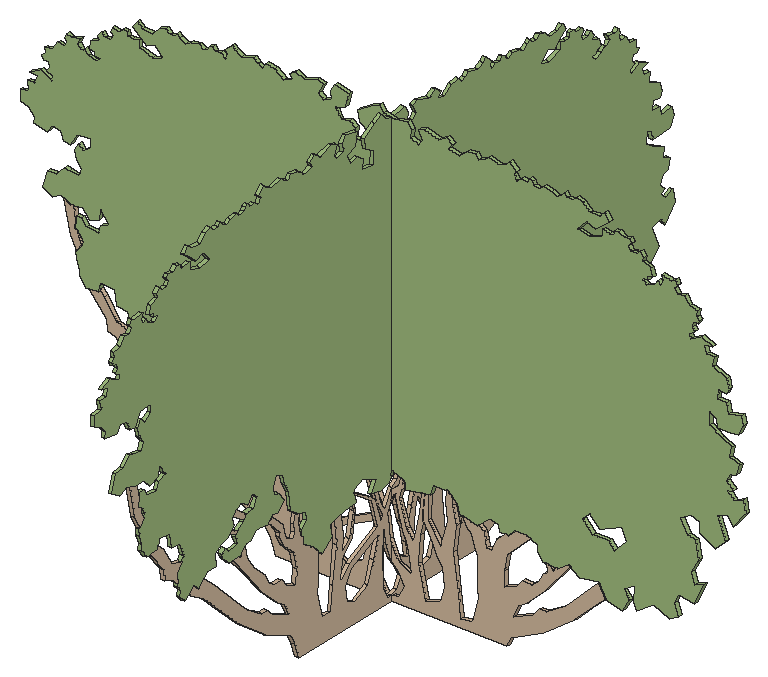
Revit family "꽝꽝나무", category 수목, Revit 2019
Family settings
  OmniClass 번호 = 23.40.05.00
  OmniClass 제목 = Plants and Planting Products
  작업 기준면 기반 = 아니오
  항상 수직 = 예
  로드될 때 보이드를 사용하여 절단 = 아니오
  렌더 모양 소스 = 패밀리 형상
  공유 = 아니오
Parameters
  높이 = 6000 mm
Reference planes
  plane 1 "중심(앞/뒤)": y = 0
  plane 2: z = 0
  plane 3 "중심(왼쪽/오른쪽)": x = 0
Dimensions and locks
  aligned and locked: level to plane 2
Nested families
  nested 1: "꽝꽝나무_base" at (0, 0, 0), type "꽝꽝나무_base"
Definition of nested family "꽝꽝나무_base"
  Parameters (values of type "꽝꽝나무_base")
    Height = 6000 mm
  Reference planes
    plane 1 "중심(앞/뒤)": y = 0
    plane 2: z = 0
    plane 3 "중심(왼쪽/오른쪽)": x = 0
  Forms (mm)
    Extrusion 1, solid, detail levels fine
      sketch origin (0, 0, 0) x (1, 0, 0) y (0, 0, 1)
        loop
          line (-133.994, 125.505) -> (-118.815, 109.897) -> (-101.467, 123.771) -> (-104.937, 139.812) -> (-79.769, 145.683) -> (-60.265, 147.076) -> (-64.444, 165.181) -> (-48.423, 172.144) -> (-24.739, 161.003) -> (-33.795, 146.379) -> (-17.773, 142.897) -> (-4.538, 147.076) -> (2.428, 161.003) -> (18.45, 154.039) -> (19.843, 144.29) -> (54.672, 149.861) -> (58.852, 163.092) -> (77.66, 163.092) -> (91.591, 151.254) -> (94.378, 140.808) -> (117.365, 133.845) -> (135.476, 148.468) -> (148.712, 145.683) -> (150.105, 138.023) -> (161.947, 137.327) -> (170.306, 145.683) -> (185.631, 146.379) -> (201.652, 140.112) -> (201.652, 132.452) -> (209.315, 121.31) -> (229.516, 120.614) -> (244.841, 130.363) -> (258.949, 119.096) -> (285.525, 124.184) -> (295.138, 105.53) -> (318.321, 99.877) -> (328.499, 116.27) -> (319.452, 127.01) -> (334.719, 136.62) -> (333.588, 115.705) -> (338.112, 106.095) -> (360.73, 121.357) -> (383.914, 112.313) -> (396.354, 120.227) -> (390.699, 134.924) -> (395.223, 146.229) -> (417.275, 143.403) -> (430.846, 171.101) -> (418.406, 166.579) -> (413.883, 181.276) -> (422.93, 198.234) -> (418.972, 221.975) -> (408.228, 225.367) -> (399.181, 242.89) -> (412.752, 251.369) -> (425.192, 247.412) -> (425.192, 232.715) -> (446.679, 220.844) -> (460.25, 234.411) -> (448.941, 263.239) -> (463.642, 267.196) -> (470.993, 257.022) -> (487.391, 277.936) -> (484.71, 294.941) -> (472.8, 288.988) -> (463.316, 298.469) -> (471.256, 301.555) -> (461.552, 310.374) -> (467.507, 319.414) -> (476.108, 322.501) -> (479.417, 335.73) -> (466.625, 341.021) -> (468.389, 353.809) -> (454.274, 360.423) -> (437.953, 371.006) -> (439.056, 387.101) -> (447.878, 381.369) -> (449.422, 371.227) -> (467.727, 371.668) -> (478.755, 373.211) -> (485.592, 385.999) -> (482.504, 397.243) -> (464.64, 393.716) -> (461.773, 406.504) -> (448.981, 406.724) -> (450.524, 418.85) -> (461.773, 417.748) -> (465.301, 423.921) -> (461.368, 435.443) -> (443.153, 444.803) -> (445.465, 456.687) -> (434.898, 457.678) -> (431.596, 466.591) -> (442.163, 468.572) -> (427.633, 475.504) -> (411.782, 467.581) -> (411.101, 473.77) -> (418.269, 478.249) -> (414.685, 483.112) -> (416.349, 489.638) -> (422.621, 489.766) -> (425.181, 494.628) -> (420.701, 498.723) -> (421.597, 505.761) -> (410.333, 508.065) -> (403.804, 518.046) -> (394.46, 516.51) -> (390.876, 523.42) -> (394.076, 526.491) -> (391.644, 533.274) -> (385.884, 530.458) -> (372.534, 533.028) -> (375.606, 526.502) -> (371.254, 519.592) -> (366.646, 523.559) -> (362.806, 516.521) -> (351.925, 512.81) -> (344.629, 518.824) -> (352.821, 519.208) -> (353.077, 524.199) -> (360.246, 525.35) -> (357.942, 535.843) -> (345.781, 539.938) -> (348.085, 545.313) -> (343.477, 551.711) -> (339.125, 547.014) -> (330.193, 547.014) -> (326.744, 552.656) -> (330.82, 557.044) -> (328.703, 561.981) -> (319.767, 560.414) -> (313.652, 565.586) -> (308.086, 564.489) -> (307.616, 559.317) -> (301.005, 558.316) -> (291.418, 560.513) -> (291.618, 550.529) -> (272.643, 545.138) -> (257.462, 548.532) -> (269.846, 561.511) -> (281.231, 557.118) -> (292.417, 566.703) -> (300.406, 573.092) -> (294.414, 581.478) -> (287.423, 576.087) -> (273.242, 574.889) -> (264.066, 583.973) -> (255.291, 586.815) -> (249.976, 582.12) -> (242.19, 582.49) -> (239.348, 586.815) -> (235.764, 582.737) -> (227.483, 578.166) -> (220.686, 581.749) -> (209.81, 583.849) -> (203.012, 579.155) -> (196.943, 581.432) -> (195.347, 585.73) -> (190.925, 587.449) -> (187.977, 582.906) -> (179.625, 583.765) -> (172.501, 578.608) -> (169.553, 586.098) -> (173.484, 589.904) -> (163.657, 598.254) -> (159.236, 593.465) -> (150.137, 589.612) -> (133.864, 593.532) -> (128.179, 589.024) -> (121.316, 585.888) -> (117.199, 592.356) -> (105.043, 590.004) -> (92.692, 581.38) -> (79.948, 584.908) -> (84.849, 591.768) -> (76.131, 597.292) -> (65.999, 591.448) -> (46.708, 597.097) -> (37.94, 593.98) -> (44.175, 582.488) -> (38.135, 576.06) -> (26.834, 579.956) -> (28.587, 590.085) -> (22.937, 599.045) -> (4.036, 594.954) -> (-9.603, 598.461) -> (-15.254, 606.252) -> (-27.14, 600.408) -> (-45.542, 589.131) -> (-42.771, 575.976) -> (-28.92, 566.976) -> (-29.612, 550.013) -> (-50.043, 553.475) -> (-48.658, 565.591) -> (-56.969, 572.168) -> (-69.781, 569.053) -> (-76.707, 582.553) -> (-62.386, 587.298) -> (-58.705, 604.304) -> (-77.606, 608.395) -> (-83.256, 599.434) -> (-81.503, 589.306) -> (-92.804, 585.41) -> (-98.844, 591.838) -> (-92.609, 603.33) -> (-101.378, 606.447) -> (-120.668, 600.798) -> (-130.8, 606.642) -> (-139.518, 601.117) -> (-134.617, 594.258) -> (-147.361, 590.73) -> (-159.712, 599.354) -> (-171.868, 601.705) -> (-175.985, 595.238) -> (-182.848, 598.374) -> (-188.533, 602.881) -> (-204.806, 598.962) -> (-213.905, 602.815) -> (-218.326, 607.604) -> (-228.153, 599.254) -> (-224.222, 595.448) -> (-227.17, 587.958) -> (-234.294, 593.115) -> (-242.646, 592.255) -> (-245.594, 596.798) -> (-250.016, 595.079) -> (-251.613, 590.782) -> (-257.681, 588.504) -> (-264.479, 593.199) -> (-275.355, 591.099) -> (-282.152, 587.516) -> (-290.433, 592.087) -> (-294.017, 596.164) -> (-296.859, 591.84) -> (-304.646, 591.469) -> (-309.96, 596.164) -> (-318.735, 593.323) -> (-327.911, 584.239) -> (-342.092, 585.437) -> (-349.083, 590.828) -> (-355.075, 582.442) -> (-347.086, 576.052) -> (-335.9, 566.468) -> (-324.515, 570.861) -> (-312.131, 557.882) -> (-327.312, 554.488) -> (-346.287, 559.879) -> (-346.087, 569.863) -> (-355.675, 567.666) -> (-362.285, 568.667) -> (-362.756, 573.839) -> (-368.321, 574.936) -> (-374.436, 569.764) -> (-383.372, 571.331) -> (-385.489, 566.394) -> (-381.413, 562.006) -> (-384.862, 556.363) -> (-393.794, 556.363) -> (-398.146, 561.061) -> (-402.754, 554.662) -> (-400.45, 549.288) -> (-412.611, 545.193) -> (-414.915, 534.7) -> (-407.746, 533.548) -> (-407.49, 528.558) -> (-399.298, 528.174) -> (-406.594, 522.16) -> (-417.475, 525.871) -> (-421.315, 532.909) -> (-425.923, 528.942) -> (-430.275, 535.852) -> (-427.203, 542.378) -> (-440.553, 539.808) -> (-446.313, 542.623) -> (-448.745, 535.841) -> (-445.545, 532.77) -> (-449.129, 525.86) -> (-458.474, 527.396) -> (-465.002, 517.414) -> (-476.266, 515.111) -> (-475.37, 508.073) -> (-479.85, 503.978) -> (-477.29, 499.116) -> (-471.018, 498.988) -> (-469.354, 492.461) -> (-472.938, 487.599) -> (-465.77, 483.12) -> (-466.451, 476.931) -> (-482.302, 484.854) -> (-496.832, 477.921) -> (-486.265, 475.941) -> (-489.567, 467.028) -> (-500.134, 466.037) -> (-497.822, 454.153) -> (-510.041, 451.512) -> (-509.38, 437.647) -> (-498.813, 433.356) -> (-490.558, 424.113) -> (-491.878, 416.19) -> (-471.735, 412.559) -> (-465.791, 421.802) -> (-454.563, 419.821) -> (-449.94, 408.597) -> (-440.56, 407.273) -> (-431.607, 422.521) -> (-413.37, 423.847) -> (-412.375, 413.239) -> (-423.317, 405.947) -> (-429.617, 412.576) -> (-435.254, 403.295) -> (-432.933, 391.362) -> (-424.975, 383.075) -> (-428.763, 372.875) -> (-441.93, 374.691) -> (-448.514, 376.733) -> (-459.638, 365.386) -> (-472.578, 363.797) -> (-479.448, 342.451) -> (-466.012, 334.102) -> (-454.517, 340.191) -> (-440.413, 334.051) -> (-424.716, 334.96) -> (-414.024, 324.044) -> (-401.284, 328.593) -> (-399.237, 341.555) -> (-387.233, 326.207) -> (-398.755, 321.976) -> (-402.282, 312.809) -> (-419.211, 314.219) -> (-424.855, 323.151) -> (-432.144, 322.446) -> (-435.436, 307.403) -> (-426.736, 300.821) -> (-423.051, 292.491) -> (-433.431, 278.648) -> (-432.676, 269.44) -> (-428.146, 257.364) -> (-428.599, 249.666) -> (-420.445, 238.495) -> (-401.634, 239.254) -> (-399.694, 251.619) -> (-379.807, 249.68) -> (-376.896, 231.254) -> (-362.83, 229.071) -> (-357.009, 212.585) -> (-367.68, 194.401) -> (-366.953, 177.914) -> (-361.132, 171.126) -> (-362.587, 163.852) -> (-355.069, 155.852) -> (-349.248, 159.488) -> (-338.819, 167.004) -> (-331.058, 159.973) -> (-317.234, 175.005) -> (-302.164, 174.494) -> (-303.328, 190.782) -> (-293.629, 198.538) -> (-280.44, 200.477) -> (-271.129, 212.111) -> (-273.845, 222.582) -> (-257.551, 234.216) -> (-247.077, 226.848) -> (-239.706, 237.319) -> (-230.396, 229.175) -> (-236.215, 217.541) -> (-250.569, 217.928) -> (-253.284, 208.233) -> (-264.146, 202.416) -> (-267.054, 196.169) -> (-263.166, 185.965) -> (-278.234, 182.078) -> (-284.31, 189.609) -> (-291.844, 185.479) -> (-288.684, 179.162) -> (-277.748, 168.958) -> (-257.576, 169.687) -> (-250.042, 179.648) -> (-241.05, 179.891) -> (-233.03, 188.151) -> (-226.468, 189.123) -> (-211.886, 186.937) -> (-204.352, 196.169) -> (-195.603, 193.982) -> (-185.153, 205.644) -> (-192.444, 216.82) -> (-202.165, 219.249) -> (-203.866, 229.21) -> (-197.791, 242.816) -> (-186, 237.55) -> (-182.371, 222.562) -> (-175.044, 210.928) -> (-172.16, 186.203) -> (-160.884, 177.532) -> (-146.138, 174.497) -> (-145.271, 163.658) -> (-153.077, 154.987) -> (-151.342, 137.211) -> (-133.994, 125.505)
        loop
          line (316.735, 202.802) -> (287.359, 189.377) -> (273.217, 203.519) -> (263.213, 193.515) -> (277.355, 179.373) -> (299.043, 179.373) -> (307.923, 170.493) -> (324.105, 186.675) -> (316.735, 202.802)
      from 0 to 5
    Extrusion 2, solid, detail levels fine
      sketch origin (0, 0, 0) x (1, 0, 0) y (0, 0, 1)
        loop
          line (-346.333, 161.589) -> (-343.667, 157.417) -> (-321.431, 143.434) -> (-290.227, 114.034) -> (-260.015, 84.828) -> (-217.242, 53.828) -> (-173.043, 32.448) -> (-165.558, 19.621) -> (-158.625, 0) -> (158.625, 0) -> (166.11, 12.828) -> (210.309, 34.207) -> (253.082, 65.208) -> (283.295, 94.414) -> (295.123, 105.559) -> (286.19, 122.894) -> (241.696, 78.416) -> (214.622, 62.291) -> (204.829, 61.715) -> (196.764, 52.501) -> (168.537, 39.832) -> (176.026, 55.381) -> (188.123, 64.019) -> (212.893, 87.054) -> (246.813, 128.788) -> (244.841, 130.363) -> (229.516, 120.614) -> (228.637, 120.644) -> (224.478, 116.323) -> (222.899, 117.184) -> (220.346, 120.93) -> (212.737, 121.192) -> (215.963, 115.263) -> (215.963, 109.491) -> (210.419, 107.841) -> (203.791, 94.913) -> (193.41, 88.389) -> (181.125, 88.551) -> (172.881, 78.37) -> (157.039, 72.553) -> (155.908, 91.621) -> (160.434, 113.113) -> (192.311, 143.766) -> (185.631, 146.379) -> (170.306, 145.683) -> (161.947, 137.327) -> (157.602, 137.582) -> (152.332, 132.314) -> (145.294, 128.117) -> (144.553, 122.439) -> (138.256, 112.071) -> (132.206, 112.071) -> (129.983, 120.217) -> (128.255, 130.092) -> (121.043, 136.814) -> (117.365, 133.845) -> (98.774, 139.477) -> (104.054, 127.747) -> (111.215, 121.451) -> (115.043, 106.64) -> (119.472, 98.081) -> (119.472, 76.018) -> (119.486, 57.279) -> (121.206, 46.104) -> (112.025, 13.483) -> (96.396, 12.088) -> (92.488, 43.057) -> (86.906, 91.045) -> (90.256, 124.247) -> (84.632, 147.675) -> (84.632, 157.167) -> (77.66, 163.092) -> (76.024, 163.092) -> (74.749, 148.49) -> (78.488, 124.901) -> (69.054, 92.102) -> (51.202, 118.21) -> (52.429, 149.502) -> (46.493, 148.553) -> (43.598, 122.506) -> (44.59, 113.913) -> (57.483, 92.102) -> (63.764, 75.247) -> (71.368, 65.994) -> (74.012, 42.199) -> (68.062, 23.361) -> (47.565, 17.082) -> (37.962, 59.92) -> (41.168, 95.705) -> (45.299, 111.715) -> (43.9, 113.772) -> (43.159, 122.575) -> (46.057, 148.483) -> (42.619, 147.933) -> (40.114, 122.41) -> (35.094, 102.008) -> (30.815, 84.615) -> (21.547, 96.452) -> (11.338, 130.469) -> (14.441, 142.313) -> (19.525, 146.511) -> (18.761, 151.86) -> (16.479, 150.09) -> (17.609, 154.404) -> (13.891, 156.02) -> (10.866, 145.736) -> (1.98, 138.844) -> (-10.95, 116.92) -> (-19.288, 131.15) -> (-23.001, 144.034) -> (-27.19, 144.944) -> (-23.369, 127.213) -> (-14.445, 110.993) -> (-18.004, 104.959) -> (-28.146, 137.478) -> (-34.108, 142.897) -> (-63.659, 161.777) -> (-62.933, 158.633) -> (-32.889, 137.343) -> (-21.976, 100.541) -> (-71.701, 76.627) -> (-85.376, 62.677) -> (-88.725, 66.304) -> (-84.908, 84.998) -> (-82.396, 91.415) -> (-67.046, 105.923) -> (-61.743, 139.682) -> (-63.534, 146.842) -> (-66.357, 146.641) -> (-64.534, 139.961) -> (-71.512, 108.434) -> (-84.629, 96.437) -> (-83.234, 116.246) -> (-86.87, 144.027) -> (-96.967, 141.671) -> (-93.839, 110.666) -> (-99.421, 62.678) -> (-103.328, 31.708) -> (-118.958, 33.103) -> (-128.138, 65.724) -> (-126.418, 76.899) -> (-126.405, 95.639) -> (-126.405, 117.701) -> (-133.994, 125.505) -> (-151.342, 137.211) -> (-152.129, 145.268) -> (-155.32, 146.799) -> (-158.91, 157.682) -> (-159.953, 168.797) -> (-158.922, 177.128) -> (-160.884, 177.532) -> (-164.386, 180.225) -> (-166.438, 168.102) -> (-165.396, 157.335) -> (-168.06, 150.041) -> (-179.873, 154.904) -> (-183.232, 162.429) -> (-183.678, 166.681) -> (-186.914, 175.693) -> (-194.889, 184.012) -> (-205.901, 194.272) -> (-210.852, 188.204) -> (-201.16, 179.743) -> (-191.441, 167.599) -> (-191.603, 162.255) -> (-184.34, 149.055) -> (-167.367, 132.734) -> (-162.841, 111.242) -> (-163.972, 92.173) -> (-179.814, 97.991) -> (-188.058, 108.171) -> (-200.343, 108.01) -> (-210.724, 114.534) -> (-217.352, 127.461) -> (-236.588, 144.267) -> (-248.873, 162.043) -> (-252.103, 176.924) -> (-256.6, 170.977) -> (-256.405, 166.458) -> (-257.205, 165.619) -> (-261.241, 169.555) -> (-272.731, 169.14) -> (-249.781, 143.53) -> (-219.826, 106.674) -> (-195.056, 83.639) -> (-182.958, 75.001) -> (-175.47, 59.453) -> (-203.696, 72.122) -> (-211.761, 81.336) -> (-221.554, 81.912) -> (-248.629, 98.036) -> (-266.487, 115.888) -> (-303.987, 153.495) -> (-322.398, 169.39) -> (-331.058, 159.973) -> (-338.819, 167.004) -> (-346.333, 161.589)
        loop
          line (-264.169, 202.367) -> (-274.159, 208.325) -> (-277.012, 204.76) -> (-266.207, 197.988) -> (-264.169, 202.367)
        loop
          line (-11.703, 102.948) -> (-15.461, 65.689) -> (-14.774, 22.726) -> (-5.835, 5.197) -> (10.669, 9.321) -> (18.233, 24.101) -> (9.981, 39.911) -> (0.01, 51.254) -> (-9.273, 75.313) -> (-11.703, 102.948)
        loop
          line (-1.593, 76.041) -> (9.977, 51.209) -> (28.012, 42.364) -> (25.29, 62.094) -> (21.887, 80.464) -> (15.762, 91.349) -> (9.977, 113.461) -> (6.574, 131.15) -> (8.388, 137.314) -> (4.48, 134.087) -> (-7.639, 111.269) -> (-5.336, 107.337) -> (-1.593, 76.041)
        loop
          line (-21.543, 92.658) -> (-68.41, 70.157) -> (-79.068, 51.941) -> (-75.286, 32.006) -> (-61.877, 26.163) -> (-39.529, 36.13) -> (-30.246, 64.314) -> (-21.543, 92.658)
        loop
          line (-252.486, 211.083) -> (-250.569, 217.928) -> (-265.56, 228.498) -> (-272.215, 223.746) -> (-252.486, 211.083)
        loop
          line (-367.167, 182.762) -> (-367.68, 194.401) -> (-360.479, 206.672) -> (-377.147, 211.082) -> (-393.276, 236.996) -> (-400.887, 244.019) -> (-401.634, 239.254) -> (-415.214, 238.706) -> (-413.964, 237.73) -> (-391.369, 210.481) -> (-389.934, 196.14) -> (-379.174, 192.554) -> (-367.167, 182.762)
        loop
          line (-432.692, 279.632) -> (-425.662, 289.008) -> (-430.144, 299.191) -> (-431.104, 304.126) -> (-435.436, 307.403) -> (-433.48, 316.34) -> (-436.964, 334.25) -> (-440.413, 334.051) -> (-449.88, 338.172) -> (-440.513, 296.311) -> (-432.692, 279.632)
      from 0 to 5
    Extrusion 3, solid, detail levels fine
      sketch origin (-4.99, -5.01, 0) x (0, 1, 0) y (0, 0, 1)
        loop
          line (-133.994, 125.505) -> (-118.815, 109.897) -> (-101.467, 123.771) -> (-104.937, 139.812) -> (-79.769, 145.683) -> (-60.265, 147.076) -> (-64.444, 165.181) -> (-48.423, 172.144) -> (-24.739, 161.003) -> (-33.795, 146.379) -> (-17.773, 142.897) -> (-4.538, 147.076) -> (2.428, 161.003) -> (18.45, 154.039) -> (19.843, 144.29) -> (54.672, 149.861) -> (58.852, 163.092) -> (77.66, 163.092) -> (91.591, 151.254) -> (94.378, 140.808) -> (117.365, 133.845) -> (135.476, 148.468) -> (148.712, 145.683) -> (150.105, 138.023) -> (161.947, 137.327) -> (170.306, 145.683) -> (185.631, 146.379) -> (201.652, 140.112) -> (201.652, 132.452) -> (209.315, 121.31) -> (229.516, 120.614) -> (244.841, 130.363) -> (258.949, 119.096) -> (285.525, 124.184) -> (295.138, 105.53) -> (318.321, 99.877) -> (328.499, 116.27) -> (319.452, 127.01) -> (334.719, 136.62) -> (333.588, 115.705) -> (338.112, 106.095) -> (360.73, 121.357) -> (383.914, 112.313) -> (396.354, 120.227) -> (390.699, 134.924) -> (395.223, 146.229) -> (417.275, 143.403) -> (430.846, 171.101) -> (418.406, 166.579) -> (413.883, 181.276) -> (422.93, 198.234) -> (418.972, 221.975) -> (408.228, 225.367) -> (399.181, 242.89) -> (412.752, 251.369) -> (425.192, 247.412) -> (425.192, 232.715) -> (446.679, 220.844) -> (460.25, 234.411) -> (448.941, 263.239) -> (463.642, 267.196) -> (470.993, 257.022) -> (487.391, 277.936) -> (484.71, 294.941) -> (472.8, 288.988) -> (463.316, 298.469) -> (471.256, 301.555) -> (461.552, 310.374) -> (467.507, 319.414) -> (476.108, 322.501) -> (479.417, 335.73) -> (466.625, 341.021) -> (468.389, 353.809) -> (454.274, 360.423) -> (437.953, 371.006) -> (439.056, 387.101) -> (447.878, 381.369) -> (449.422, 371.227) -> (467.727, 371.668) -> (478.755, 373.211) -> (485.592, 385.999) -> (482.504, 397.243) -> (464.64, 393.716) -> (461.773, 406.504) -> (448.981, 406.724) -> (450.524, 418.85) -> (461.773, 417.748) -> (465.301, 423.921) -> (461.368, 435.443) -> (443.153, 444.803) -> (445.465, 456.687) -> (434.898, 457.678) -> (431.596, 466.591) -> (442.163, 468.572) -> (427.633, 475.504) -> (411.782, 467.581) -> (411.101, 473.77) -> (418.269, 478.249) -> (414.685, 483.112) -> (416.349, 489.638) -> (422.621, 489.766) -> (425.181, 494.628) -> (420.701, 498.723) -> (421.597, 505.761) -> (410.333, 508.065) -> (403.804, 518.046) -> (394.46, 516.51) -> (390.876, 523.42) -> (394.076, 526.491) -> (391.644, 533.274) -> (385.884, 530.458) -> (372.534, 533.028) -> (375.606, 526.502) -> (371.254, 519.592) -> (366.646, 523.559) -> (362.806, 516.521) -> (351.925, 512.81) -> (344.629, 518.824) -> (352.821, 519.208) -> (353.077, 524.199) -> (360.246, 525.35) -> (357.942, 535.843) -> (345.781, 539.938) -> (348.085, 545.313) -> (343.477, 551.711) -> (339.125, 547.014) -> (330.193, 547.014) -> (326.744, 552.656) -> (330.82, 557.044) -> (328.703, 561.981) -> (319.767, 560.414) -> (313.652, 565.586) -> (308.086, 564.489) -> (307.616, 559.317) -> (301.005, 558.316) -> (291.418, 560.513) -> (291.618, 550.529) -> (272.643, 545.138) -> (257.462, 548.532) -> (269.846, 561.511) -> (281.231, 557.118) -> (292.417, 566.703) -> (300.406, 573.092) -> (294.414, 581.478) -> (287.423, 576.087) -> (273.242, 574.889) -> (264.066, 583.973) -> (255.291, 586.815) -> (249.976, 582.12) -> (242.19, 582.49) -> (239.348, 586.815) -> (235.764, 582.737) -> (227.483, 578.166) -> (220.686, 581.749) -> (209.81, 583.849) -> (203.012, 579.155) -> (196.943, 581.432) -> (195.347, 585.73) -> (190.925, 587.449) -> (187.977, 582.906) -> (179.625, 583.765) -> (172.501, 578.608) -> (169.553, 586.098) -> (173.484, 589.904) -> (163.657, 598.254) -> (159.236, 593.465) -> (150.137, 589.612) -> (133.864, 593.532) -> (128.179, 589.024) -> (121.316, 585.888) -> (117.199, 592.356) -> (105.043, 590.004) -> (92.692, 581.38) -> (79.948, 584.908) -> (84.849, 591.768) -> (76.131, 597.292) -> (65.999, 591.448) -> (46.708, 597.097) -> (37.94, 593.98) -> (44.175, 582.488) -> (38.135, 576.06) -> (26.834, 579.956) -> (28.587, 590.085) -> (22.937, 599.045) -> (4.036, 594.954) -> (-9.603, 598.461) -> (-15.254, 606.252) -> (-27.14, 600.408) -> (-45.542, 589.131) -> (-42.771, 575.976) -> (-28.92, 566.976) -> (-29.612, 550.013) -> (-50.043, 553.475) -> (-48.658, 565.591) -> (-56.969, 572.168) -> (-69.781, 569.053) -> (-76.707, 582.553) -> (-62.386, 587.298) -> (-58.705, 604.304) -> (-77.606, 608.395) -> (-83.256, 599.434) -> (-81.503, 589.306) -> (-92.804, 585.41) -> (-98.844, 591.838) -> (-92.609, 603.33) -> (-101.378, 606.447) -> (-120.668, 600.798) -> (-130.8, 606.642) -> (-139.518, 601.117) -> (-134.617, 594.258) -> (-147.361, 590.73) -> (-159.712, 599.354) -> (-171.868, 601.705) -> (-175.985, 595.238) -> (-182.848, 598.374) -> (-188.533, 602.881) -> (-204.806, 598.962) -> (-213.905, 602.815) -> (-218.326, 607.604) -> (-228.153, 599.254) -> (-224.222, 595.448) -> (-227.17, 587.958) -> (-234.294, 593.115) -> (-242.646, 592.255) -> (-245.594, 596.798) -> (-250.016, 595.079) -> (-251.613, 590.782) -> (-257.681, 588.504) -> (-264.479, 593.199) -> (-275.355, 591.099) -> (-282.152, 587.516) -> (-290.433, 592.087) -> (-294.017, 596.164) -> (-296.859, 591.84) -> (-304.646, 591.469) -> (-309.96, 596.164) -> (-318.735, 593.323) -> (-327.911, 584.239) -> (-342.092, 585.437) -> (-349.083, 590.828) -> (-355.075, 582.442) -> (-347.086, 576.052) -> (-335.9, 566.468) -> (-324.515, 570.861) -> (-312.131, 557.882) -> (-327.312, 554.488) -> (-346.287, 559.879) -> (-346.087, 569.863) -> (-355.675, 567.666) -> (-362.285, 568.667) -> (-362.756, 573.839) -> (-368.321, 574.936) -> (-374.436, 569.764) -> (-383.372, 571.331) -> (-385.489, 566.394) -> (-381.413, 562.006) -> (-384.862, 556.363) -> (-393.794, 556.363) -> (-398.146, 561.061) -> (-402.754, 554.662) -> (-400.45, 549.288) -> (-412.611, 545.193) -> (-414.915, 534.7) -> (-407.746, 533.548) -> (-407.49, 528.558) -> (-399.298, 528.174) -> (-406.594, 522.16) -> (-417.475, 525.871) -> (-421.315, 532.909) -> (-425.923, 528.942) -> (-430.275, 535.852) -> (-427.203, 542.378) -> (-440.553, 539.808) -> (-446.313, 542.623) -> (-448.745, 535.841) -> (-445.545, 532.77) -> (-449.129, 525.86) -> (-458.474, 527.396) -> (-465.002, 517.414) -> (-476.266, 515.111) -> (-475.37, 508.073) -> (-479.85, 503.978) -> (-477.29, 499.116) -> (-471.018, 498.988) -> (-469.354, 492.461) -> (-472.938, 487.599) -> (-465.77, 483.12) -> (-466.451, 476.931) -> (-482.302, 484.854) -> (-496.832, 477.921) -> (-486.265, 475.941) -> (-489.567, 467.028) -> (-500.134, 466.037) -> (-497.822, 454.153) -> (-510.041, 451.512) -> (-509.38, 437.647) -> (-498.813, 433.356) -> (-490.558, 424.113) -> (-491.878, 416.19) -> (-471.735, 412.559) -> (-465.791, 421.802) -> (-454.563, 419.821) -> (-449.94, 408.597) -> (-440.56, 407.273) -> (-431.607, 422.521) -> (-413.37, 423.847) -> (-412.375, 413.239) -> (-423.317, 405.947) -> (-429.617, 412.576) -> (-435.254, 403.295) -> (-432.933, 391.362) -> (-424.975, 383.075) -> (-428.763, 372.875) -> (-441.93, 374.691) -> (-448.514, 376.733) -> (-459.638, 365.386) -> (-472.578, 363.797) -> (-479.448, 342.451) -> (-466.012, 334.102) -> (-454.517, 340.191) -> (-440.413, 334.051) -> (-424.716, 334.96) -> (-414.024, 324.044) -> (-401.284, 328.593) -> (-399.237, 341.555) -> (-387.233, 326.207) -> (-398.755, 321.976) -> (-402.282, 312.809) -> (-419.211, 314.219) -> (-424.855, 323.151) -> (-432.144, 322.446) -> (-435.436, 307.403) -> (-426.736, 300.821) -> (-423.051, 292.491) -> (-433.431, 278.648) -> (-432.676, 269.44) -> (-428.146, 257.364) -> (-428.599, 249.666) -> (-420.445, 238.495) -> (-401.634, 239.254) -> (-399.694, 251.619) -> (-379.807, 249.68) -> (-376.896, 231.254) -> (-362.83, 229.071) -> (-357.009, 212.585) -> (-367.68, 194.401) -> (-366.953, 177.914) -> (-361.132, 171.126) -> (-362.587, 163.852) -> (-355.069, 155.852) -> (-349.248, 159.488) -> (-338.819, 167.004) -> (-331.058, 159.973) -> (-317.234, 175.005) -> (-302.164, 174.494) -> (-303.328, 190.782) -> (-293.629, 198.538) -> (-280.44, 200.477) -> (-271.129, 212.111) -> (-273.845, 222.582) -> (-257.551, 234.216) -> (-247.077, 226.848) -> (-239.706, 237.319) -> (-230.396, 229.175) -> (-236.215, 217.541) -> (-250.569, 217.928) -> (-253.284, 208.233) -> (-264.146, 202.416) -> (-267.054, 196.169) -> (-263.166, 185.965) -> (-278.234, 182.078) -> (-284.31, 189.609) -> (-291.844, 185.479) -> (-288.684, 179.162) -> (-277.748, 168.958) -> (-257.576, 169.687) -> (-250.042, 179.648) -> (-241.05, 179.891) -> (-233.03, 188.151) -> (-226.468, 189.123) -> (-211.886, 186.937) -> (-204.352, 196.169) -> (-195.603, 193.982) -> (-185.153, 205.644) -> (-192.444, 216.82) -> (-202.165, 219.249) -> (-203.866, 229.21) -> (-197.791, 242.816) -> (-186, 237.55) -> (-182.371, 222.562) -> (-175.044, 210.928) -> (-172.16, 186.203) -> (-160.884, 177.532) -> (-146.138, 174.497) -> (-145.271, 163.658) -> (-153.077, 154.987) -> (-151.342, 137.211) -> (-133.994, 125.505)
        loop
          line (316.735, 202.802) -> (287.359, 189.377) -> (273.217, 203.519) -> (263.213, 193.515) -> (277.355, 179.373) -> (299.043, 179.373) -> (307.923, 170.493) -> (324.105, 186.675) -> (316.735, 202.802)
      from 0 to 5
    Extrusion 4, solid, detail levels fine
      sketch origin (-4.99, -5.01, 0) x (0, 1, 0) y (0, 0, 1)
        loop
          line (-346.333, 161.589) -> (-343.667, 157.417) -> (-321.431, 143.434) -> (-290.227, 114.034) -> (-260.015, 84.828) -> (-217.242, 53.828) -> (-173.043, 32.448) -> (-165.558, 19.621) -> (-158.625, 0) -> (158.625, 0) -> (166.11, 12.828) -> (210.309, 34.207) -> (253.082, 65.208) -> (283.295, 94.414) -> (295.123, 105.559) -> (286.19, 122.894) -> (241.696, 78.416) -> (214.622, 62.291) -> (204.829, 61.715) -> (196.764, 52.501) -> (168.537, 39.832) -> (176.026, 55.381) -> (188.123, 64.019) -> (212.893, 87.054) -> (246.813, 128.788) -> (244.841, 130.363) -> (229.516, 120.614) -> (228.637, 120.644) -> (224.478, 116.323) -> (222.899, 117.184) -> (220.346, 120.93) -> (212.737, 121.192) -> (215.963, 115.263) -> (215.963, 109.491) -> (210.419, 107.841) -> (203.791, 94.913) -> (193.41, 88.389) -> (181.125, 88.551) -> (172.881, 78.37) -> (157.039, 72.553) -> (155.908, 91.621) -> (160.434, 113.113) -> (192.311, 143.766) -> (185.631, 146.379) -> (170.306, 145.683) -> (161.947, 137.327) -> (157.602, 137.582) -> (152.332, 132.314) -> (145.294, 128.117) -> (144.553, 122.439) -> (138.256, 112.071) -> (132.206, 112.071) -> (129.983, 120.217) -> (128.255, 130.092) -> (121.043, 136.814) -> (117.365, 133.845) -> (98.774, 139.477) -> (104.054, 127.747) -> (111.215, 121.451) -> (115.043, 106.64) -> (119.472, 98.081) -> (119.472, 76.018) -> (119.486, 57.279) -> (121.206, 46.104) -> (112.025, 13.483) -> (96.396, 12.088) -> (92.488, 43.057) -> (86.906, 91.045) -> (90.256, 124.247) -> (84.632, 147.675) -> (84.632, 157.167) -> (77.66, 163.092) -> (76.024, 163.092) -> (74.749, 148.49) -> (78.488, 124.901) -> (69.054, 92.102) -> (51.202, 118.21) -> (52.429, 149.502) -> (46.493, 148.553) -> (43.598, 122.506) -> (44.59, 113.913) -> (57.483, 92.102) -> (63.764, 75.247) -> (71.368, 65.994) -> (74.012, 42.199) -> (68.062, 23.361) -> (47.565, 17.082) -> (37.962, 59.92) -> (41.168, 95.705) -> (45.299, 111.715) -> (43.9, 113.772) -> (43.159, 122.575) -> (46.057, 148.483) -> (42.619, 147.933) -> (40.114, 122.41) -> (35.094, 102.008) -> (30.815, 84.615) -> (21.547, 96.452) -> (11.338, 130.469) -> (14.441, 142.313) -> (19.525, 146.511) -> (18.761, 151.86) -> (16.479, 150.09) -> (17.609, 154.404) -> (13.891, 156.02) -> (10.866, 145.736) -> (1.98, 138.844) -> (-10.95, 116.92) -> (-19.288, 131.15) -> (-23.001, 144.034) -> (-27.19, 144.944) -> (-23.369, 127.213) -> (-14.445, 110.993) -> (-18.004, 104.959) -> (-28.146, 137.478) -> (-34.108, 142.897) -> (-63.659, 161.777) -> (-62.933, 158.633) -> (-32.889, 137.343) -> (-21.976, 100.541) -> (-71.701, 76.627) -> (-85.376, 62.677) -> (-88.725, 66.304) -> (-84.908, 84.998) -> (-82.396, 91.415) -> (-67.046, 105.923) -> (-61.743, 139.682) -> (-63.534, 146.842) -> (-66.357, 146.641) -> (-64.534, 139.961) -> (-71.512, 108.434) -> (-84.629, 96.437) -> (-83.234, 116.246) -> (-86.87, 144.027) -> (-96.967, 141.671) -> (-93.839, 110.666) -> (-99.421, 62.678) -> (-103.328, 31.708) -> (-118.958, 33.103) -> (-128.138, 65.724) -> (-126.418, 76.899) -> (-126.405, 95.639) -> (-126.405, 117.701) -> (-133.994, 125.505) -> (-151.342, 137.211) -> (-152.129, 145.268) -> (-155.32, 146.799) -> (-158.91, 157.682) -> (-159.953, 168.797) -> (-158.922, 177.128) -> (-160.884, 177.532) -> (-164.386, 180.225) -> (-166.438, 168.102) -> (-165.396, 157.335) -> (-168.06, 150.041) -> (-179.873, 154.904) -> (-183.232, 162.429) -> (-183.678, 166.681) -> (-186.914, 175.693) -> (-194.889, 184.012) -> (-205.901, 194.272) -> (-210.852, 188.204) -> (-201.16, 179.743) -> (-191.441, 167.599) -> (-191.603, 162.255) -> (-184.34, 149.055) -> (-167.367, 132.734) -> (-162.841, 111.242) -> (-163.972, 92.173) -> (-179.814, 97.991) -> (-188.058, 108.171) -> (-200.343, 108.01) -> (-210.724, 114.534) -> (-217.352, 127.461) -> (-236.588, 144.267) -> (-248.873, 162.043) -> (-252.103, 176.924) -> (-256.6, 170.977) -> (-256.405, 166.458) -> (-257.205, 165.619) -> (-261.241, 169.555) -> (-272.731, 169.14) -> (-249.781, 143.53) -> (-219.826, 106.674) -> (-195.056, 83.639) -> (-182.958, 75.001) -> (-175.47, 59.453) -> (-203.696, 72.122) -> (-211.761, 81.336) -> (-221.554, 81.912) -> (-248.629, 98.036) -> (-266.487, 115.888) -> (-303.987, 153.495) -> (-322.398, 169.39) -> (-331.058, 159.973) -> (-338.819, 167.004) -> (-346.333, 161.589)
        loop
          line (-264.169, 202.367) -> (-274.159, 208.325) -> (-277.012, 204.76) -> (-266.207, 197.988) -> (-264.169, 202.367)
        loop
          line (-11.703, 102.948) -> (-15.461, 65.689) -> (-14.774, 22.726) -> (-5.835, 5.197) -> (10.669, 9.321) -> (18.233, 24.101) -> (9.981, 39.911) -> (0.01, 51.254) -> (-9.273, 75.313) -> (-11.703, 102.948)
        loop
          line (-1.593, 76.041) -> (9.977, 51.209) -> (28.012, 42.364) -> (25.29, 62.094) -> (21.887, 80.464) -> (15.762, 91.349) -> (9.977, 113.461) -> (6.574, 131.15) -> (8.388, 137.314) -> (4.48, 134.087) -> (-7.639, 111.269) -> (-5.336, 107.337) -> (-1.593, 76.041)
        loop
          line (-21.543, 92.658) -> (-68.41, 70.157) -> (-79.068, 51.941) -> (-75.286, 32.006) -> (-61.877, 26.163) -> (-39.529, 36.13) -> (-30.246, 64.314) -> (-21.543, 92.658)
        loop
          line (-252.486, 211.083) -> (-250.569, 217.928) -> (-265.56, 228.498) -> (-272.215, 223.746) -> (-252.486, 211.083)
        loop
          line (-367.167, 182.762) -> (-367.68, 194.401) -> (-360.479, 206.672) -> (-377.147, 211.082) -> (-393.276, 236.996) -> (-400.887, 244.019) -> (-401.634, 239.254) -> (-415.214, 238.706) -> (-413.964, 237.73) -> (-391.369, 210.481) -> (-389.934, 196.14) -> (-379.174, 192.554) -> (-367.167, 182.762)
        loop
          line (-432.692, 279.632) -> (-425.662, 289.008) -> (-430.144, 299.191) -> (-431.104, 304.126) -> (-435.436, 307.403) -> (-433.48, 316.34) -> (-436.964, 334.25) -> (-440.413, 334.051) -> (-449.88, 338.172) -> (-440.513, 296.311) -> (-432.692, 279.632)
      from 0 to 5
    Revolve 5, solid, detail levels coarse
      sketch origin (0, 0, 0) x (1, 0, 0) y (0, 0, 1)
        loop
          line (0.01, 0) -> (0.01, 600) -> (-339.99, 600)
          arc (-339.99, 600) -> (-453.127, 553.137) -> (-499.99, 440) r 160
          line (-499.99, 440) -> (-499.99, 140)
          arc (-499.99, 140) -> (-476.558, 83.431) -> (-419.99, 60) r 80
          line (-419.99, 60) -> (-158.625, 60) -> (-158.625, 0) -> (0.01, 0)
        axis (0.01, 600) -> (0.01, 0)
      angle from 0 to 360
  Lines and regions (mm)
    symbolic lines
      curve 1: circle (-4.99, -0.974, 0) r 21.663 normal (0, 0, 1)
      curve 2: line (-265.477, -231.648, 0) -> (-251.636, -308.9, 0)
      curve 3: line (-251.636, -308.9, 0) -> (-159.391, -206.014, 0)
      curve 4: line (-159.391, -206.014, 0) -> (-205.087, -353.32, 0)
      curve 5: line (-205.087, -353.32, 0) -> (-135.172, -339.493, 0)
      curve 6: line (-135.172, -339.493, 0) -> (-114.52, -397.656, 0)
      curve 7: line (-114.52, -397.656, 0) -> (-27.046, -357.874, 0)
      curve 8: line (-27.046, -357.874, 0) -> (-15.135, -448.824, 0)
      curve 9: line (-15.135, -448.824, 0) -> (56.305, -207.073, 0)
      curve 10: line (56.305, -207.073, 0) -> (135.404, -393.76, 0)
      curve 11: line (135.404, -393.76, 0) -> (168.079, -343.809, 0)
      curve 12: line (168.079, -343.809, 0) -> (214.106, -371.112, 0)
      curve 13: line (214.106, -371.112, 0) -> (244.807, -311.383, 0)
      curve 14: line (244.807, -311.383, 0) -> (309.863, -314.684, 0)
      curve 15: line (309.863, -314.684, 0) -> (172.555, -124.683, 0)
      curve 16: line (172.555, -124.683, 0) -> (399.203, -226.966, 0)
      curve 17: line (399.203, -226.966, 0) -> (311.44, -114.149, 0)
      curve 18: line (311.44, -114.149, 0) -> (416.105, -112.484, 0)
      curve 19: line (416.105, -112.484, 0) -> (321.581, -45.656, 0)
      curve 20: line (321.581, -45.656, 0) -> (400.304, -33.769, 0)
      curve 21: line (400.304, -33.769, 0) -> (357.665, 12.615, 0)
      curve 22: line (357.665, 12.615, 0) -> (436.364, 36.73, 0)
      curve 23: line (436.364, 36.73, 0) -> (216.707, 63.704, 0)
      curve 24: line (216.707, 63.704, 0) -> (389.647, 170.167, 0)
      curve 25: line (389.647, 170.167, 0) -> (327.969, 197.439, 0)
      curve 26: line (327.969, 197.439, 0) -> (341.56, 252.245, 0)
      curve 27: line (341.56, 252.245, 0) -> (284.805, 262.408, 0)
      curve 28: line (284.805, 262.408, 0) -> (324.309, 322.153, 0)
      curve 29: line (324.309, 322.153, 0) -> (185.534, 253.416, 0)
      curve 30: line (185.534, 253.416, 0) -> (218.138, 341.027, 0)
      curve 31: line (218.138, 341.027, 0) -> (139.423, 325.227, 0)
      curve 32: line (139.423, 325.227, 0) -> (89.405, 393.606, 0)
      curve 33: line (89.405, 393.606, 0) -> (-7.67, 258.431, 0)
      curve 34: line (-7.67, 258.431, 0) -> (-28.572, 448.162, 0)
      curve 35: line (-28.572, 448.162, 0) -> (-61.144, 343.922, 0)
      curve 36: line (-61.144, 343.922, 0) -> (-98.957, 424.063, 0)
      curve 37: line (-98.957, 424.063, 0) -> (-117.423, 360.934, 0)
      curve 38: line (-117.423, 360.934, 0) -> (-215.282, 381.291, 0)
      curve 39: line (-215.282, 381.291, 0) -> (-235.71, 321.093, 0)
      curve 40: line (-235.71, 321.093, 0) -> (-287.082, 329.8, 0)
      curve 41: line (-287.082, 329.8, 0) -> (-197.781, 179.325, 0)
      curve 42: line (-197.781, 179.325, 0) -> (-365.649, 235.254, 0)
      curve 43: line (-365.649, 235.254, 0) -> (-277.896, 127.818, 0)
      curve 44: line (-277.896, 127.818, 0) -> (-403.154, 153.014, 0)
      curve 45: line (-403.154, 153.014, 0) -> (-322.349, 98.388, 0)
      curve 46: line (-322.349, 98.388, 0) -> (-377.134, 101.708, 0)
      curve 47: line (-377.134, 101.708, 0) -> (-370.216, 64.06, 0)
      curve 48: line (-370.216, 64.06, 0) -> (-454.299, 41.891, 0)
      curve 49: line (-454.299, 41.891, 0) -> (-407.718, -19.647, 0)
      curve 50: line (-407.718, -19.647, 0) -> (-430.128, -66.154, 0)
      curve 51: line (-430.128, -66.154, 0) -> (-252.096, -65.817, 0)
      curve 52: line (-252.096, -65.817, 0) -> (-423.25, -187, 0)
      curve 53: line (-423.25, -187, 0) -> (-359.452, -196.121, 0)
      curve 54: line (-359.452, -196.121, 0) -> (-349.058, -261.152, 0)
      curve 55: line (-349.058, -261.152, 0) -> (-265.477, -231.648, 0)
  Dimensions and locks
    aligned and locked: level to plane 2
